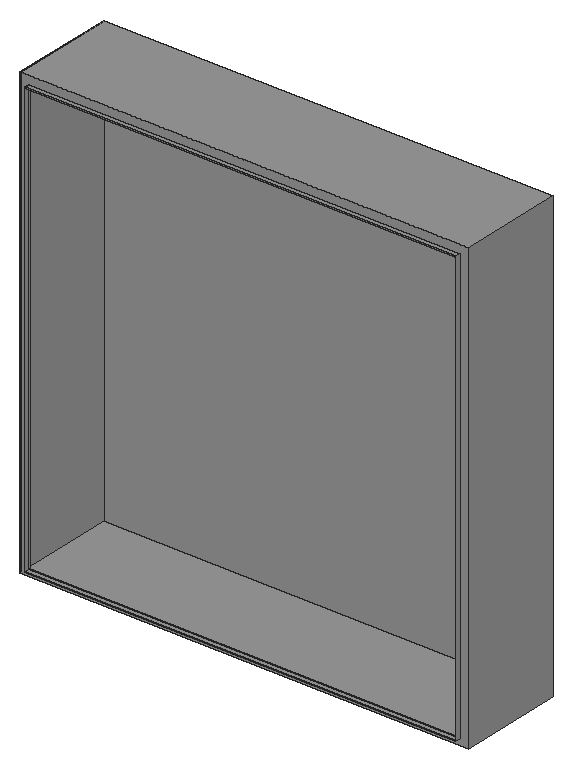
Revit family "Hager-Univers-IP30-D205-H800-Cl.II-Encl-NoHosted-NL-en", category Equipement électrique, Revit 2020
Family settings
  Configuration du panneau = Deux colonnes, circuits au sein
  Cote de connecteur circulaire = Utiliser le diamètre
  Type d'élément = Tableau de raccordement
  Basée sur le plan de construction = Oui
  Toujours verticalement = Oui
  Couper avec des vides une fois chargée = Non
  Partagée = Non
  Point de calcul de pièce = Non
Parameters (values of type "Surface mounted (plaster) IP30 W800 H800 D205  - FP53Q1S")
  Width Control [instance] = if([EF000008 - Width] > Min Width, [EF000008 - Width], Min Width)  # 800 mm
  Commentaires du type = [HG000003 - Range]  # "Univers"
  Thickness Door [instance] = if([EF009171 - Material plate thickness door/cover] > 3 mm, 3 mm, [EF009171 - Material plate thickness door/cover])  # 1 mm
  Seal Frame Offset [instance] = 17 mm  # constant formula
  Plinth Visibility [instance] = [HG000027 - Plinth height] > 0 mm  # no
  Min Width [instance] = 100 mm  # constant formula
  Min Depth [instance] = (2 * [EF009170 - Material plate thickness cabinet]) + 1 mm  # 3 mm
  Min Height [instance] = 100 mm  # constant formula
  Internal Frame Depth [instance] = (Door System Depth * 0.5)  # 9 mm
  Panel Name [instance] = ""  # (empty or 0)
  Model = ""
  HG000027 - Plinth height = 0 mm
  HG000026 - Floor standing = no
  HG000024 - Bottom section height = 600 mm
  HG000023 - Double section enclosure = no
  HG000016 - Door 3d visibility [instance] = yes
  HG000015 - Clearance visibility [instance] = no
  HG000014 - Door on the right [instance] = yes
  HG000013 - Door on the left [instance] = not([HG000014 - Door on the right])  # no
  HG000012 - Door swing angle [instance] = 30.00°
  HG000010 - Asymmetric doors = no
  HG000009 - Double swing door = no
  HG000006 - Flush mounted = no
  HG000004 - Manufacturer reference = "FP53Q1S"
  HG000003 - Range = "Univers"
  HG000002 - With door or cover = no
  Frame Offset Bottom [instance] = 10 mm  # constant formula
  Frame Offset [instance] = 15 mm  # constant formula
  EF015940 - Cover with overpressure release = no
  EF011959 - Degree of protection (NEMA) = ""
  EF009554 - Number of openings for flange plates = 6
  EF009212 - Cover model = "EV009916 - With notch"
  EF009171 - Material plate thickness door/cover = 1 mm
  EF009170 - Material plate thickness cabinet = 1 mm
  EF008873 - Nominal current (In) = 250 A
  EF007800 - Suitable for lightning protection = no
  EF006306 - With lock = no
  EF006244 - Transparent cover/door = no
  EF005474 - Degree of protection (IP) = "EV006410 - IP30"
  EF004464 - Type of door = "EV000494 - None"
  EF004427 - Number of modules = 180
  EF004293 - Impact strength = "EV006813 - IK07"
  EF003532 - Suitable for outdoor use = no
  EF002950 - Width in number of modular spacings = 36
  EF001613 - Circuit integrity = "EV000494 - None"
  EF001596 - Material housing = "EV000179 - Steel"
  EF001131 - Internal depth = 130 mm
  EF001088 - Extension possible = yes
  EF000437 - Number of conduit inlets = 6
  EF000339 - Type of cover = "EV000494 - None"
  EF000266 - Number of rows = 5
  EF000218 - Built-in depth = 0 mm
  EF000118 - With mounting plate = no
  EF000116 - RAL-number = "9010"
  EF000049 - Depth = 205 mm
  EF000040 - Height = 800 mm
  EF000008 - Width = 800 mm
  EF000007 - Colour = "EV000202 - White"
  EF000003 - Mounting method = "EV000384 - Surface mounted (plaster)"
  Door System Leaf Tolerance [instance] = 1.5 mm  # constant formula
  Door System Depth [instance] = 18 mm  # constant formula
  Door Height [instance] = Height Control - [HG000027 - Plinth height]  # 800 mm
  Description = ""
  Default Elevation = 1219.2 mm
  Connector Offset [instance] = Height Control / 2  # 400 mm
  Fabricant = "Hager"  # constant formula
  Height Control [instance] = if([EF000040 - Height] > Min Height, [EF000040 - Height], Min Height)  # 800 mm
  Depth Control [instance] = if([EF000049 - Depth] > Min Depth, [EF000049 - Depth], Min Depth)  # 205 mm
  Bottom Top Plate Trim [instance] = 1.5 mm  # constant formula
  Plinth height Ctrl [instance] = if([HG000027 - Plinth height] > 0 mm, [HG000027 - Plinth height], 12 mm)  # 12 mm
Types (5, lengths in mm): name | Width Control | HG000004 - Manufacturer reference | EF009554 - Number of openings for flange plates | EF004427 - Number of modules | EF002950 - Width in number of modular spacings | EF000437 - Number of conduit inlets | EF000008 - Width
  Surface mounted (plaster) IP30 W1050 H800 D205  - FP54Q1S | 1050 | "FP54Q1S" | 8 | 240 | 48 | 8 | 1050
  Surface mounted (plaster) IP30 W1300 H800 D205  - FP55Q1S | 1300 | "FP55Q1S" | 10 | 300 | 60 | 10 | 1300
  Surface mounted (plaster) IP30 W300 H800 D205  - FP51Q1S | 300 | "FP51Q1S" | 2 | 60 | 12 | 2 | 300
  Surface mounted (plaster) IP30 W550 H800 D205  - FP52Q1S | 550 | "FP52Q1S" | 4 | 120 | 24 | 4 | 550
  Surface mounted (plaster) IP30 W800 H800 D205  - FP53Q1S | 800 | "FP53Q1S" | 6 | 180 | 36 | 6 | 800
Reference planes
  plane 1 "Center (Front/Back)": y = 0
  plane 2: z = 0
  plane 3 "Center (Left/Right)": x = 0
  plane 4: y = 0
  plane 5: y = 0
  plane 6: z = 0
  plane 7: x = -400
  plane 8: x = 400
  plane 9: x = 399
  plane 10: x = -399
  plane 11: z = 0
  plane 12: z = 1
  plane 13: y = -205
  plane 14: y = -1
  plane 15: x = 0
  plane 16: y = -187
  plane 17: y = -204
  plane 18: y = -186
  plane 19: x = -384
  plane 20: x = 384
  plane 21: z = 11
  plane 22: x = -383
  plane 23: x = 383
  plane 24: z = 0
  plane 25: z = 800
  plane 26: z = 800
  plane 27: z = 784
  plane 28: z = 799
Forms (mm)
  Extrusion 1, solid, material "Hager_Steel_RAL7035_Light_Grey", detail levels medium+fine
    sketch origin (-208.679, -4572, 0) x (-1, 0, 0) y (0, -1, 0)
      loop
        line (191.321, -4385) -> (-608.679, -4385) -> (-608.679, -4572) -> (191.321, -4572) -> (191.321, -4385)
    from 0 to 800
  Extrusion 2, void
    sketch origin (-350.771, -205, 1219.2) x (1, 0, 0) y (0, 0, 1)
      loop
        line (-48.229, -420.2) -> (-48.229, -1218.2) -> (749.771, -1218.2) -> (749.771, -420.2) -> (-48.229, -420.2)
    from -19 to -204
  Extrusion 3, void
    sketch origin (-290.084, -187, 1219.2) x (1, 0, 0) y (0, 0, 1)
      loop
        line (-93.916, -1208.2) -> (674.084, -1208.2) -> (674.084, -435.2) -> (-93.916, -435.2) -> (-93.916, -1208.2)
    from 0 to -1
  Extrusion 4, solid, material "Hager_Steel_RAL7035_Light_Grey", visible <- "Plinth Visibility", detail levels medium+fine
    sketch origin (0, 0, 0) x (1, 0, 0) y (0, 1, 0)
      loop
        line (-400, 0) -> (-400, -187) -> (400, -187) -> (400, 0) -> (-400, 0)
    from 0 to 12 <- "Plinth height Ctrl"
  Extrusion 5, solid, material "Hager_Steel_RAL7035_Light_Grey", detail levels coarse
    sketch origin (0, 0, 0) x (1, 0, 0) y (0, 1, 0)
      loop
        line (-400, 0) -> (-400, -205) -> (400, -205) -> (400, 0) -> (-400, 0)
    from 0 to 800 <- "Height Control"
  Sweep 6, void
    path in 3D
      loop
        line (-400, -187, 12) -> (400, -187, 12) -> (400, 0, 12) -> (-400, 0, 12) -> (-400, -187, 12)
    profile origin (-400, -93.5, 12) x (1, 0, 0) y (0, 0, 1)
      loop
        line (0, 0) -> (0, -1.5) -> (1.5, -1.5)
        arc (1.5, -1.5) -> (1.061, -0.439) -> (0, 0) r 1.5
  Extrusion 7, solid, material "Hager_Steel_RAL7035_Light_Grey", detail levels fine
    sketch origin (-400, -187, 0) x (1, 0, 0) y (0, 0, 1)
      loop
        line (16, 11) -> (784, 11) -> (784, 784) -> (16, 784) -> (16, 11)
      loop
        line (15, 10) -> (785, 10) -> (785, 785) -> (15, 785) -> (15, 10)
    from 0 to 9 <- "Internal Frame Depth"
Cuts and joins
  Extrusion 2, Extrusion 3 cuts Extrusion 1
  Sweep 6 cuts Extrusion 4
Lines and regions (mm)
  Masking region 1
    outline origin (0, 0, 0) x (1, 0, 0) y (0, 1, 0)
      loop
        line (-400, 0) -> (-400, -205) -> (400, -205) -> (400, 0) -> (-400, 0)
  Masking region 2, detail levels coarse
    outline origin (-290.084, -187, 1219.2) x (-1, 0, 0) y (0, 0, 1)
      loop
        line (-690.084, -1219.2) -> (109.916, -1219.2) -> (109.916, -419.2) -> (-690.084, -419.2) -> (-690.084, -1219.2)
  Masking region 3, detail levels coarse
    outline origin (0, 0, 0) x (0, 1, 0) y (0, 0, 1)
      loop
        line (0, 0) -> (0, 800) -> (-205, 800) -> (-205, 0) -> (0, 0)
  Masking region 4, visible <- "Plinth Visibility", detail levels medium+fine
    outline origin (0, 0, 0) x (0, 1, 0) y (0, 0, 1)
      loop
        line (-1.5, 12) -> (-185.5, 12)
        arc (-185.5, 12) -> (-185.939, 10.939) -> (-187, 10.5) r 1.5
        line (-187, 10.5) -> (-187, 0) -> (0, 0) -> (0, 10.5)
        arc (0, 10.5) -> (-1.061, 10.939) -> (-1.5, 12) r 1.5
  Masking region 5, detail levels medium+fine
    outline origin (0, 0, 594.038) x (0, 1, 0) y (0, 0, 1)
      loop
        line (0, -594.038) -> (0, 205.962) -> (-187, 205.962) -> (-187, -594.038) -> (0, -594.038)
  Masking region 6, detail levels medium+fine
    outline origin (-359.7, -187, 1211.883) x (-1, 0, 0) y (0, 0, 1)
      loop
        line (-759.7, -1211.883) -> (40.3, -1211.883) -> (40.3, -411.883) -> (-759.7, -411.883) -> (-759.7, -1211.883)
  Masking region 7, visible <- "Plinth Visibility", detail levels medium+fine
    outline origin (-320.334, -187, 1041.368) x (-1, 0, 0) y (0, 0, 1)
      loop
        line (-720.334, -1041.368) -> (79.666, -1041.368) -> (79.666, -1030.868)
        arc (79.666, -1030.868) -> (78.606, -1030.429) -> (78.166, -1029.368) r 1.5
        line (78.166, -1029.368) -> (-718.834, -1029.368)
        arc (-718.834, -1029.368) -> (-719.273, -1030.429) -> (-720.334, -1030.868) r 1.5
        line (-720.334, -1030.868) -> (-720.334, -1041.368)
  sketch lines
    curve 1: line (-400, 0, 12) -> (-400, -187, 12)
    curve 2: line (-400, -187, 12) -> (400, -187, 12)
    curve 3: line (400, 0, 12) -> (-400, 0, 12)
    curve 4: line (400, -187, 12) -> (400, 0, 12)
Dimensions and locks
  locked: plane 1 "Center (Front/Back)" to plane 5
  "EF009170 - Material plate thickness cabinet": plane 7 to plane 10
  "EF009170 - Material plate thickness cabinet": plane 8 to plane 9
  equal spacing: plane 7, plane 3 "Center (Left/Right)", plane 8
  "Width Control": plane 7 to plane 8
  "Depth Control": plane 4 to plane 13
  "EF009170 - Material plate thickness cabinet": plane 4 to plane 14
  "Height Control": plane 25 to level
  "HG000027 - Plinth height": plane 11 to level
  "EF009170 - Material plate thickness cabinet": plane 12 to plane 11
  "EF009170 - Material plate thickness cabinet": plane 17 to plane 13
  "EF009170 - Material plate thickness cabinet": plane 18 to plane 16
  "Frame Offset Bottom": plane 21 to plane 12
  "Frame Offset": plane 10 to plane 19
  "Frame Offset": plane 9 to plane 20
  "Door System Depth": plane 16 to plane 13
  "Seal Frame Offset": plane 7 to plane 22
  "Seal Frame Offset": plane 8 to plane 23
  "EF009170 - Material plate thickness cabinet": plane 26 to plane 28
  "Frame Offset": plane 28 to plane 27
  "Connector Offset": plane 2 to connector elem
  "Bottom Top Plate Trim": profile plane to Sweep 6 sketch curve
  "Bottom Top Plate Trim": Sweep 6 sketch curve to Sweep 6 sketch curve
  "Plinth height Ctrl": Masking region 4 sketch curve to level
  "Plinth height Ctrl": Masking region 7 sketch curve to level
  "Thickness Door": Extrusion 7 sketch curve to Extrusion 7 sketch curve  (x4)
  "Bottom Top Plate Trim": radius of Sweep 6 sketch curve
  "Bottom Top Plate Trim": radius of Masking region 4 sketch curve  (x2)
  "Bottom Top Plate Trim": radius of Masking region 7 sketch curve  (x2)
  aligned and locked: Extrusion 2 sketch curve to plane 12
  aligned and locked: Extrusion 2 sketch curve to plane 9
  aligned and locked: Extrusion 2 sketch curve to plane 10
  aligned and locked: Extrusion 2 to plane 14
  aligned and locked: Extrusion 1 sketch curve to plane 4
  aligned and locked: plane 8 to Extrusion 1 sketch curve
  aligned and locked: plane 7 to Extrusion 1 sketch curve
  aligned and locked: Extrusion 2 to plane 18
  aligned and locked: Extrusion 3 sketch curve to plane 19
  aligned and locked: plane 20 to Extrusion 3 sketch curve
  aligned and locked: Extrusion 3 to Extrusion 2
  aligned and locked: Extrusion 3 sketch curve to plane 21
  aligned and locked: plane 3 "Center (Left/Right)" to nested 1
  aligned and locked: Extrusion 1 sketch curve to plane 16
  aligned and locked: Extrusion 4 sketch curve to cut or joined group of Extrusion 1, Extrusion 2, Extrusion 3
  aligned and locked: Masking region 1 sketch curve to plane 7
  aligned and locked: Masking region 1 sketch curve to plane 5
  aligned and locked: Masking region 1 sketch curve to plane 8
  aligned and locked: Masking region 2 sketch curve to level
  aligned and locked: level to Masking region 3 sketch curve
  aligned and locked: plane 1 "Center (Front/Back)" to Masking region 3 sketch curve
  aligned and locked: plane 13 to Masking region 3 sketch curve
  aligned and locked: plane 5 to Masking region 4 sketch curve
  aligned and locked: Masking region 2 sketch curve to plane 8
  aligned and locked: Masking region 2 sketch curve to plane 7
  aligned and locked: plane 7 to nested 2
  aligned and locked: nested 2 to plane 5
  aligned and locked: plane 5 to Masking region 5 sketch curve
  aligned and locked: plane 26 to Masking region 5 sketch curve
  aligned and locked: Extrusion 5 sketch curve to plane 8
  aligned and locked: Extrusion 5 sketch curve to plane 7
  aligned and locked: Extrusion 5 sketch curve to plane 5
  aligned and locked: Extrusion 3 sketch curve to plane 27
  aligned and locked: Extrusion 2 sketch curve to plane 28
  aligned and locked: Masking region 2 to plane 25
  aligned and locked: Extrusion 4 to plane 16
  aligned and locked: profile plane to Sweep 6 sketch curve
  aligned and locked: Masking region 5 sketch curve to plane 24
  aligned and locked: level to Masking region 4 sketch curve
  aligned and locked: Masking region 1 to plane 13
  aligned and locked: nested 1 to plane 16
  aligned and locked: Masking region 3 to plane 25
  aligned and locked: plane 16 to Masking region 4 sketch curve
  aligned and locked: Masking region 5 sketch curve to plane 16
  aligned and locked: plane 24 to plane 11
  aligned and locked: plane 26 to plane 25
  aligned and locked: plane 26 to cut or joined group of Extrusion 1, Extrusion 2, Extrusion 3
  aligned and locked: nested 1 to plane 24
  aligned and locked: Extrusion 1 to Extrusion 3
  aligned and locked: Masking region 6 sketch curve to plane 8
  aligned and locked: Masking region 6 sketch curve to plane 24
  aligned and locked: Masking region 6 sketch curve to plane 7
  aligned and locked: Masking region 6 sketch curve to plane 26
  aligned and locked: Masking region 7 sketch curve to plane 7
  aligned and locked: level to Masking region 7 sketch curve
  aligned and locked: Masking region 7 sketch curve to plane 8
  aligned and locked: Extrusion 7 sketch curve to cut or joined group of Extrusion 1, Extrusion 2, Extrusion 3  (x4)
Automatic sketch dimensions
  plane 19 to Extrusion 3 sketch curve = 0 mm
  Extrusion 3 sketch curve to plane 20 = 0 mm
  Extrusion 3 sketch curve to plane 21 = 0 mm
  Extrusion 4 sketch curve to plane 7 = 0 mm
  Extrusion 4 sketch curve to plane 8 = 0 mm
  Extrusion 4 sketch curve to plane 16 = 0 mm
  Masking region 1 sketch curve to plane 13 = 0 mm
  Masking region 2 sketch curve to plane 25 = 0 mm
  Masking region 3 sketch curve to plane 25 = 0 mm
  Extrusion 5 sketch curve to plane 13 = 0 mm
  profile plane to Sweep 6 sketch curve = 0 mm
Nested families
  nested 1: "EC000058_Univers_Door" at (0, -187, 0), Double <- "HG000009 - Double swing door", Transparent <- "EF006244 - Transparent cover/door", Angle <- "HG000012 - Door swing angle", Door_Right <- "HG000014 - Door on the right", Assymetrical <- "HG000010 - Asymmetric doors", Door <- "HG000002 - With door or cover", Width_Ctrl <- "Width Control", 3d_Door <- "HG000016 - Door 3d visibility", Clearance <- "HG000015 - Clearance visibility", Door_Left <- "HG000013 - Door on the left", Width <- "Width Control", Door_Depth <- "Door System Depth", Leaf_Tolerance <- "Door System Leaf Tolerance", Height <- "Door Height", Lock_Visibility <- "EF006306 - With lock", Thickness <- "Thickness Door", type "EC000058_Univers_Door", detail levels medium+fine
    with min_wh 3 mm, Width_Ctrl 800 mm, Width 800 mm, Transparent no, Thickness 1 mm, Seal_Material Hager_Rubber, Lock_Visibility no, Lock_Material Hager_Plastic_RAL9005_Jet_Black, Leaf_Width 800 mm, Leaf_Tolerance_External_Sides 0 mm, Leaf_Tolerance 1.5 mm, Leaf_Offset 0 mm, Leaf_Height 797 mm, Leaf_2_Width 800 mm, Leaf_2_Offset 400 mm, Leaf_1_Width 800 mm, Leaf_1_Offset 400 mm, Height_Ctrl 800 mm, Height 800 mm, Glass_Material Hager_Glass, Double_Clearance_Ctrl no, Double no, Door_Right_Ctrl no, Door_Right yes, Door_Material Hager_Steel_RAL7035_Light_Grey, Door_Left_Ctrl no, Door_Left no, Door_Depth 18 mm, Door no, Clearance_Material Hager_Clearance, Clearance_Depth 800 mm, Clearance_Ctrl no, Clearance no, Assymetrical no, Angle 30.00°, 3d_Door yes
  nested 2: "Hager_Enclosure_Symbol" at (-400, 0, 0), Height <- "Depth Control", Width <- "Width Control", type "Hager_Enclosure_Symbol"
    with Width_Ctrl 800 mm, Width 800 mm, Height_Ctrl 205 mm, Height 205 mm, A_Width_Int 13.453 mm, A_Width 161.438 mm, A_Height_Ctrl 179.375 mm, A_Height 179.375 mm
Connectors
  electrical at (0, 0, 400)
    settings: on plane 1 "Center (Front/Back)", index 1, voltage 0 V, apparent load 0 VA, apparent load phase1 0 VA, apparent load phase2 0 VA, apparent load phase3 0 VA, power factor 1, load classification "Other", number of poles 1, system type 30, power factor state 1, is connector primary yes, connector utility no, sub classification motor no, connector description ""
Definition of nested family "EC000058_Univers_Door"
  Parameters (values of type "EC000058_Univers_Door")
    min_wh [instance] = (2 * Thickness) + 1 mm  # 11 mm
    Width_Ctrl [instance] = 400 mm
    Width [instance] = 500 mm
    Transparent [instance] = yes
    Thickness [instance] = 5 mm
    Seal_Material [instance] = none
    Lock_Visibility [instance] = yes
    Lock_Material [instance] = none
    Leaf_Width [instance] = if((Width_Ctrl - 2 * Leaf_Tolerance_External_Sides) > 0 mm, (Width_Ctrl - 2 * Leaf_Tolerance_External_Sides), min_wh)  # 400 mm
    Leaf_Tolerance_External_Sides [instance] = 0 mm  # constant formula
    Leaf_Tolerance [instance] = 1.5 mm
    Leaf_Offset [instance] = 0 mm  # constant formula
    Leaf_Height [instance] = if((Height_Ctrl - 2 * Leaf_Tolerance) > 0 mm, (Height_Ctrl - 2 * Leaf_Tolerance), min_wh)  # 497 mm
    Leaf_2_Width [instance] = if(and(and(Double, Assymetrical), Door_Left), (Leaf_Width / 3) - (Leaf_Tolerance / 2), if(and(and(Double, Assymetrical), Door_Right), (Leaf_Width / 3) * 2 - (Leaf_Tolerance / 2), if(and(Double, not(Assymetrical)), (Leaf_Width / 2) - Leaf_Tolerance, Leaf_Width)))  # 400 mm
    Leaf_2_Offset [instance] = if(and(Double, Assymetrical), Leaf_2_Width / 2, if(and(Double, not(Assymetrical)), Leaf_Width / 4, Leaf_Width / 2))  # 200 mm
    Leaf_1_Width [instance] = if(and(and(Double, Assymetrical), Door_Right), (Leaf_Width / 3) - (Leaf_Tolerance / 2), if(and(and(Double, Assymetrical), Door_Left), (Width / 3) * 2 - (Leaf_Tolerance / 2), if(and(Double, not(Assymetrical)), (Leaf_Width / 2) - Leaf_Tolerance, Leaf_Width)))  # 400 mm
    Leaf_1_Offset [instance] = if(and(Double, Assymetrical), Leaf_1_Width / 2, if(and(Double, not(Assymetrical)), Leaf_Width / 4, Leaf_Width / 2))  # 200 mm
    Height_Ctrl [instance] = if(Height > min_wh, Height, min_wh)  # 500 mm
    Height [instance] = 500 mm
    Glass_Material [instance] = none
    Double_Clearance_Ctrl [instance] = and(Double, Clearance)  # no
    Double [instance] = no
    Door_Right_Ctrl [instance] = and(or(Door_Right, Double), Door)  # yes
    Door_Right [instance] = yes
    Door_Material [instance] = none
    Door_Left_Ctrl [instance] = and(or(Door_Left, Double), Door)  # no
    Door_Left [instance] = no
    Door_Depth [instance] = 30 mm
    Door [instance] = yes
    Default Elevation = 1219.2 mm
    Clearance_Material [instance] = none
    Clearance_Depth [instance] = if(Leaf_1_Width > Leaf_2_Width, Leaf_1_Width, Leaf_2_Width)  # 400 mm
    Clearance_Ctrl [instance] = and(not(Double), Clearance)  # yes
    Clearance [instance] = yes
    Assymetrical [instance] = yes
    Angle [instance] = 30.00°
    3d_Door [instance] = yes
  Reference planes
    plane 1 "Center (Front/Back)": y = 0
    plane 2 "Bottom": z = 0
    plane 3 "Center (Left/Right)": x = 0
    plane 4: z = 500
    plane 5: x = -200
    plane 6: x = 200
    plane 7: z = 500
    plane 8: x = -200
    plane 9: z = 0
    plane 10: x = 200
    plane 11: y = 0
    plane 12: z = 1.5
    plane 13: x = -600
    plane 14: y = -400
    plane 15: x = 600
    plane 16: x = 0
    plane 17: x = 0
    plane 18: x = -200
    plane 19: x = 200
    plane 20: z = 498.5
  Forms (mm)
    Extrusion 1, solid, material <- "Clearance_Material", visible <- "Double_Clearance_Ctrl"
      sketch origin (1200, 0, 0) x (1, 0, 0) y (0, 0, -1)
        loop
          line (-1800, -498.5) -> (-600, -498.5) -> (-600, 0) -> (-1800, 0) -> (-1800, -498.5)
      from 0 to -400
  Dimensions and locks
    equal spacing: plane 5, plane 3 "Center (Left/Right)", plane 6
    "Width_Ctrl": plane 5 to plane 6
    "Leaf_Offset": plane 5 to plane 8
    "Leaf_Offset": plane 6 to plane 10
    "Leaf_Offset": plane 9 to level
    "Leaf_Offset": plane 4 to plane 7
    "Height_Ctrl": plane 4 to level
    "Leaf_Tolerance": plane 12 to plane 9
    locked: plane 11 to plane 1 "Center (Front/Back)"
    "Leaf_1_Offset": plane 18 to plane 16
    "Leaf_2_Offset": plane 17 to plane 19
    "Leaf_1_Width": plane 13 to plane 8
    "Leaf_2_Width": plane 10 to plane 15
    "Clearance_Depth": plane 14 to plane 1 "Center (Front/Back)"
    "Leaf_Tolerance_External_Sides": plane 8 to plane 18
    "Leaf_Tolerance_External_Sides": plane 19 to plane 10
    "Leaf_Tolerance": plane 7 to plane 20
    aligned and locked: level to plane 2 "Bottom"
    aligned and locked: nested 1 to plane 16
    aligned and locked: nested 2 to plane 17
    aligned and locked: Extrusion 1 to plane 13
    aligned and locked: plane 15 to Extrusion 1
    aligned and locked: Extrusion 1 to plane 14
    aligned and locked: plane 12 to nested 1
    aligned and locked: nested 2 to plane 12
    aligned and locked: Extrusion 1 to plane 11
    aligned and locked: plane 20 to Extrusion 1
    aligned and locked: nested 2 to plane 11
    aligned and locked: nested 1 to plane 11
  Automatic sketch dimensions
    Extrusion 1 sketch curve to level = 0 mm
    plane 5 to Extrusion 1 sketch curve = 400 mm
    plane 6 to Extrusion 1 sketch curve = 400 mm
    Extrusion 1 sketch curve to plane 4 = 1.5 mm
  Nested families
    nested 1: "EC000058_Univers_Door_Leaf" at (0, 0, 1.5), Width <- "Leaf_1_Width", visible <- "Door_Left_Ctrl", Leaf_Height <- "Leaf_Height", Angle <- "Angle", 3d_Door <- "3d_Door", Transparent <- "Transparent", Clearance Material <- "Clearance_Material", Clearance <- "Clearance_Ctrl", Door_Material <- "Door_Material", Glass_Material <- "Glass_Material", Door_Depth <- "Door_Depth", Lock_Material <- "Lock_Material", Seal_Material <- "Seal_Material", Lock_Visibility <- "Lock_Visibility", Thickness <- "Thickness", type "EC000058_Univers_Door_Leaf"
      with Width 400 mm, Transparent_Glass_Offset 30 mm, Transparent_Ctrl yes, Transparent yes, Thickness 5 mm, Standard no, Seal_Material none, Seal_D2 8 mm, Seal_D1 1 mm, Offset_Internal_Frame 10 mm, Lock_Width 20 mm, Lock_Visibility_3d yes, Lock_Visibility yes, Lock_Thickness_3 3 mm, Lock_Thickness_2 1 mm, Lock_Thickness_1 3 mm, Lock_Radius_Offset_2 16 mm, Lock_Radius_Offset_1 15 mm, Lock_Radius_2 5 mm, Lock_Radius 6 mm, Lock_Offset 5 mm, Lock_Material none, Lock_Height 80 mm, Lock_Cover_Top_Offset_2d 17 mm, Lock_Cover_Height -65 mm, Leaf_Height 497 mm, Internal_Seal_Thickness 8 mm, Internal_Seal_Depth_2 4.5 mm, Internal_Frame_Depth 25 mm, Glass_Thickness -1 mm, Glass_Offset -2 mm, Glass_Material none, Door_Material none, Door_Depth 30 mm, Clearance Material none, Clearance yes, Angle_Ctrl 30.00°, Angle 30.00°, 3d_Door yes
    nested 2: "EC000058_Univers_Door_Leaf" at (0, 0, 1.5) x (-1, 0, 0) z (0, 0, 1), Width <- "Leaf_2_Width", visible <- "Door_Right_Ctrl", Leaf_Height <- "Leaf_Height", Angle <- "Angle", 3d_Door <- "3d_Door", Transparent <- "Transparent", Clearance Material <- "Clearance_Material", Clearance <- "Clearance_Ctrl", Door_Material <- "Door_Material", Glass_Material <- "Glass_Material", Door_Depth <- "Door_Depth", Lock_Material <- "Lock_Material", Seal_Material <- "Seal_Material", Lock_Visibility <- "Lock_Visibility", Thickness <- "Thickness", type "EC000058_Univers_Door_Leaf"
      with Width 400 mm, Transparent_Glass_Offset 30 mm, Transparent_Ctrl yes, Transparent yes, Thickness 5 mm, Standard no, Seal_Material none, Seal_D2 8 mm, Seal_D1 1 mm, Offset_Internal_Frame 10 mm, Lock_Width 20 mm, Lock_Visibility_3d yes, Lock_Visibility yes, Lock_Thickness_3 3 mm, Lock_Thickness_2 1 mm, Lock_Thickness_1 3 mm, Lock_Radius_Offset_2 16 mm, Lock_Radius_Offset_1 15 mm, Lock_Radius_2 5 mm, Lock_Radius 6 mm, Lock_Offset 5 mm, Lock_Material none, Lock_Height 80 mm, Lock_Cover_Top_Offset_2d 17 mm, Lock_Cover_Height -65 mm, Leaf_Height 497 mm, Internal_Seal_Thickness 8 mm, Internal_Seal_Depth_2 4.5 mm, Internal_Frame_Depth 25 mm, Glass_Thickness -1 mm, Glass_Offset -2 mm, Glass_Material none, Door_Material none, Door_Depth 30 mm, Clearance Material none, Clearance yes, Angle_Ctrl 30.00°, Angle 30.00°, 3d_Door yes
  Definition of nested family "EC000058_Univers_Door_Leaf"
    Parameters (values of type "EC000058_Univers_Door_Leaf")
      Width [instance] = 2000 mm
      Transparent_Glass_Offset [instance] = 30 mm
      Transparent_Ctrl [instance] = and(Transparent, [3d_Door])  # yes
      Transparent [instance] = yes
      Thickness [instance] = 5 mm
      Standard [instance] = and(not(Transparent), [3d_Door])  # no
      Seal_Material [instance] = none
      Seal_D2 [instance] = 8 mm  # constant formula
      Seal_D1 [instance] = 1 mm  # constant formula
      Offset_Internal_Frame [instance] = 10 mm  # constant formula
      Lock_Width [instance] = 20 mm  # constant formula
      Lock_Visibility_3d [instance] = and(Lock_Visibility, [3d_Door])  # yes
      Lock_Visibility [instance] = yes
      Lock_Thickness_3 [instance] = 3 mm  # constant formula
      Lock_Thickness_2 [instance] = 1 mm  # constant formula
      Lock_Thickness_1 [instance] = 3 mm  # constant formula
      Lock_Radius_Offset_2 [instance] = Lock_Radius_Offset_1 + 1 mm  # 16 mm
      Lock_Radius_Offset_1 [instance] = 15 mm  # constant formula
      Lock_Radius_2 [instance] = Lock_Radius - 1 mm  # 5 mm
      Lock_Radius [instance] = 6 mm  # constant formula
      Lock_Offset [instance] = 5 mm  # constant formula
      Lock_Material [instance] = none
      Lock_Height [instance] = 80 mm  # constant formula
      Lock_Cover_Top_Offset_2d [instance] = Lock_Radius_Offset_2 + 1 mm  # 17 mm
      Lock_Cover_Height [instance] = -(Lock_Height - Lock_Radius_Offset_1)  # -65 mm
      Leaf_Height [instance] = 2720.336 mm
      Internal_Seal_Thickness [instance] = 8 mm  # constant formula
      Internal_Seal_Depth_2 [instance] = 4.5 mm  # constant formula
      Internal_Frame_Depth [instance] = if(Door_Depth - Thickness > 5 mm, Door_Depth - Thickness, 5 mm)  # 25 mm
      Glass_Thickness [instance] = if(Thickness > 15 mm, Glass_Offset + 10 mm, -1 mm)  # -1 mm
      Glass_Offset [instance] = if(Thickness > 15 mm, -(Thickness + 10 mm) / 2, -2 mm)  # -2 mm
      Glass_Material [instance] = none
      Door_Material [instance] = none
      Door_Depth [instance] = 30 mm
      Default Elevation = 0 mm
      Clearance Material [instance] = none
      Clearance [instance] = yes
      Angle_Ctrl [instance] = if(Angle > 180.00°, 180.00°, Angle)  # 90.00°
      Angle [instance] = 90.00°
      3d_Door [instance] = yes
    Reference planes
      plane 1 "Center (Front/Back)": y = 0
      plane 2: z = 0
      plane 3 "Center (Left/Right)": x = 0
      plane 4: y = 2000
      plane 5: x = -1000
      plane 6: x = 1000
      plane 7: x = -3000
      plane 8: z = 2720.336
      plane 9: z = 30
      plane 10: z = 2690.336
      plane 11: x = 970
      plane 12: x = -970
      plane 13: y = -3
      plane 14: z = 107.833
      plane 15: y = -5
      plane 16: y = -223.314
      plane 17: x = -1000
      plane 18: z = 1360.168
      plane 19: y = 30
    Forms (mm)
      Extrusion 1, solid, material <- "Clearance Material", visible <- "Clearance"
        sketch origin (0, 0, 0) x (1, 0, 0) y (0, 0, 1)
          loop
            line (-3000, 2720.336) -> (-3000, 0) -> (1000, 0) -> (1000, 2720.336) -> (-3000, 2720.336)
        from 0 to -2000
      Extrusion 2, solid, material <- "Door_Material", visible <- "Standard", detail levels medium+fine
        sketch origin (-1000, 0, 0) x (0, 1, 0) y (-1, 0, 0)
          loop
            line (0, 30) -> (0, 25) -> (2000, 25) -> (2000, 30) -> (0, 30)
        from 0 to 2720.336 <- "Leaf_Height"
      Extrusion 3, solid, material <- "Door_Material", visible <- "Transparent_Ctrl", detail levels medium+fine
        sketch origin (-1000, 0, 0) x (0, 1, 0) y (-1, 0, 0)
          loop
            line (0, 25) -> (2000, 25) -> (2000, 30) -> (0, 30) -> (0, 25)
        from 0 to 2720.336 <- "Leaf_Height"
      Extrusion 4, void
        sketch origin (-1025, 2000, 0) x (0, 1, 0) y (0, 0, -1)
          loop
            line (-30, -2690.336) -> (-30, -30) -> (-1970, -30) -> (-1970, -2690.336) -> (-30, -2690.336)
        from 0 to 5 <- "Thickness"
      Sweep 5, solid, material <- "Seal_Material", visible <- "Transparent_Ctrl", detail levels fine
        path in 3D
          loop
            line (-1025, 30, 30) -> (-1025, 30, 2690.336) -> (-1025, 1970, 2690.336) -> (-1025, 1970, 30) -> (-1025, 30, 30)
        profile origin (-1025, 1000, 30) x (1, 0, 0) y (0, 0, 1)
          loop
            line (0, 0) -> (0, -8) -> (1, -8) -> (1, 0) -> (0, 0)
      Extrusion 6, solid, material <- "Glass_Material", visible <- "Transparent_Ctrl", detail levels medium+fine
        sketch origin (-1030, 0, 0) x (0, 1, 0) y (0, 0, -1)
          loop
            line (1970, -2690.336) -> (1970, -30) -> (30, -30) -> (30, -2690.336) -> (1970, -2690.336)
        from -2 <- "Glass_Offset" to -1 <- "Glass_Thickness"
      Extrusion 7, solid, material <- "Door_Material", visible <- "3d_Door", detail levels medium+fine
        sketch origin (-1025, 2000, 0) x (0, -1, 0) y (0, 0, -1)
          loop
            line (0, -2720.336) -> (2000, -2720.336) -> (2000, 0) -> (0, 0) -> (0, -2720.336)
          loop
            line (1995, -5) -> (5, -5) -> (5, -2715.336) -> (1995, -2715.336) -> (1995, -5)
        from 0 to 25 <- "Internal_Frame_Depth"
      Sweep 8, solid, material <- "Seal_Material", visible <- "Transparent_Ctrl", detail levels fine
        path in 3D
          loop
            line (-1025, 0, 0) -> (-1025, 2000, 0) -> (-1025, 2000, 2720.336) -> (-1025, 0, 2720.336) -> (-1025, 0, 0)
        profile origin (-1025, 0, 1360.168) x (1, 0, 0) y (0, 1, 0)
          loop
            line (0, 10) -> (2.975, 10)
            arc (2.975, 10) -> (4.053, 10.447) -> (4.5, 11.525) r 1.525
            line (4.5, 11.525) -> (4.5, 16.527)
            arc (4.5, 16.527) -> (4.069, 17.569) -> (3.027, 18) r 1.473
            line (3.027, 18) -> (0, 18) -> (0, 10)
      Extrusion 9, solid, material <- "Lock_Material", visible <- "Lock_Visibility_3d", detail levels fine
        sketch origin (-1030, 0, 0) x (0, 1, 0) y (0, 0, -1)
          loop
            arc (1993.5, -1400.168) -> (1994.561, -1399.729) -> (1995, -1398.668) r 1.5
            line (1995, -1398.668) -> (1995, -1320.168) -> (1975, -1320.168) -> (1975, -1398.668)
            arc (1975, -1398.668) -> (1975.439, -1399.729) -> (1976.5, -1400.168) r 1.5
            line (1976.5, -1400.168) -> (1993.5, -1400.168)
        from 3 <- "Lock_Thickness_1" to 0
      Blend 10, solid, material <- "Lock_Material", visible <- "Lock_Visibility_3d", detail levels fine
        base sketch origin (-1033, 0, 0) x (0, 1, 0) y (0, 0, -1)
          loop
            line (1975, -1320.168) -> (1975, -1398.668)
            arc (1975, -1398.668) -> (1975.439, -1399.729) -> (1976.5, -1400.168) r 1.5
            line (1976.5, -1400.168) -> (1993.5, -1400.168)
            arc (1993.5, -1400.168) -> (1994.561, -1399.729) -> (1995, -1398.668) r 1.5
            line (1995, -1398.668) -> (1995, -1320.168) -> (1975, -1320.168)
        top sketch origin (-1033, 0, 0) x (0, 1, 0) y (0, 0, -1)
          loop
            line (1976, -1320.168) -> (1976, -1398.668)
            arc (1976, -1398.668) -> (1976.146, -1399.022) -> (1976.5, -1399.168) r 0.5
            line (1976.5, -1399.168) -> (1993.5, -1399.168)
            arc (1993.5, -1399.168) -> (1993.854, -1399.022) -> (1994, -1398.668) r 0.5
            line (1994, -1398.668) -> (1994, -1320.168) -> (1976, -1320.168)
        from 0 to 1 <- "Lock_Thickness_2"
      Blend 11, solid, material <- "Lock_Material", visible <- "Lock_Visibility_3d", detail levels fine
        base sketch origin (-1034, 0, 0) x (0, 1, 0) y (0, 0, -1)
          loop
            line (1978, -1320.168) -> (1978, -1384.168)
            arc (1978, -1384.168) -> (1985, -1391.168) -> (1992, -1384.168) r 7
            line (1992, -1384.168) -> (1992, -1320.168) -> (1978, -1320.168)
        top sketch origin (-1034, 0, 0) x (0, 1, 0) y (0, 0, -1)
          loop
            line (1991, -1320.168) -> (1979, -1320.168) -> (1979, -1383.168)
            arc (1979, -1383.168) -> (1985, -1389.168) -> (1991, -1383.168) r 6
            line (1991, -1383.168) -> (1991, -1320.168)
        from 0 to 3 <- "Lock_Thickness_3"
      Extrusion 12, solid, material <- "Lock_Material", visible <- "Lock_Visibility_3d", detail levels fine
        sketch origin (-1030, 1975, 1320.168) x (1, 0, 0) y (0, -1, 0)
          loop
            line (-7, -19) -> (-7, -1) -> (0, -1) -> (0, 0) -> (-8, 0) -> (-8, -20) -> (0, -20) -> (0, -19) -> (-7, -19)
        from 0 to -65 <- "Lock_Cover_Height"
      Extrusion 13, void
        sketch origin (-1038, 1995, 1320.168) x (-1, 0, 0) y (0, 0, -1)
          loop
            line (-5, -65) -> (0, -65) -> (-5, -60) -> (-5, -65)
        from 0 to 20 <- "Lock_Width"
      Extrusion 14, void
        sketch origin (-1038, 1975, 1320.168) x (0, -1, 0) y (0, 0, -1)
          loop
            circle (-10, -15.995) r 6
          loop
            circle (-10, -15.995) r 5
        from 0 to 2
      Extrusion 15, solid, material <- "Lock_Material", visible <- "Lock_Visibility_3d", detail levels medium
        sketch origin (-1030, 0, 0) x (0, 1, 0) y (0, 0, -1)
          loop
            arc (1993.5, -1400.168) -> (1994.561, -1399.729) -> (1995, -1398.668) r 1.5
            line (1995, -1398.668) -> (1995, -1320.168) -> (1975, -1320.168) -> (1975, -1398.668)
            arc (1975, -1398.668) -> (1975.439, -1399.729) -> (1976.5, -1400.168) r 1.5
            line (1976.5, -1400.168) -> (1993.5, -1400.168)
        from 8 to 0
    Cuts and joins
      Extrusion 4 cuts Extrusion 3
      Extrusion 13, Extrusion 14 cuts Extrusion 9
      Extrusion 14 cuts Blend 11
      Extrusion 13, Extrusion 14 cuts Extrusion 12
      joined: Extrusion 9, Blend 10, Blend 11, Extrusion 12
      Extrusion 14 cuts Extrusion 15
    Lines and regions (mm)
      Masking region 1, visible <- "Lock_Visibility", detail levels fine
        outline origin (0, 0, 0) x (0, 1, 0) y (0, 0, 1)
          loop
            line (30, 1320.168) -> (33, 1320.168) -> (33, 1400.168) -> (30, 1400.168) -> (30, 1320.168)
      Masking region 2, visible <- "Lock_Visibility", detail levels fine
        outline origin (0, 3.143, 0) x (0, 1, 0) y (0, 0, 1)
          loop
            line (29.857, 1354.168) -> (30.857, 1354.168) -> (30.857, 1366.168) -> (29.857, 1366.168) -> (29.857, 1354.168)
      Masking region 3, detail levels medium+fine
        outline origin (0, 0, 0) x (0, 1, 0) y (0, 0, 1)
          loop
            line (0, 0) -> (30, 0) -> (30, 2720.336) -> (0, 2720.336) -> (0, 0)
      Masking region 4, detail levels medium+fine
        outline origin (0, 0, 0) x (1, 0, 0) y (0, 0, 1)
          loop
            line (-1000, 2720.336) -> (-1000, 0) -> (1000, 0) -> (1000, 2720.336) -> (-1000, 2720.336)
      Masking region 5, visible <- "Lock_Visibility", detail levels fine
        outline origin (-47.116, 0, 0) x (1, 0, 0) y (0, 0, 1)
          loop
            arc (1024.616, 1399.168) -> (1023.556, 1398.729) -> (1023.116, 1397.668) r 1.5
            line (1023.116, 1397.668) -> (1023.116, 1320.168) -> (1041.116, 1320.168) -> (1041.116, 1397.668)
            arc (1041.116, 1397.668) -> (1040.677, 1398.729) -> (1039.616, 1399.168) r 1.5
            line (1039.616, 1399.168) -> (1024.616, 1399.168)
      Masking region 6, visible <- "Lock_Visibility", detail levels medium+fine
        outline origin (-25, 0, 0) x (1, 0, 0) y (0, 0, 1)
          loop
            arc (1001.5, 1400.168) -> (1000.439, 1399.729) -> (1000, 1398.668) r 1.5
            line (1000, 1398.668) -> (1000, 1320.168) -> (1020, 1320.168) -> (1020, 1398.668)
            arc (1020, 1398.668) -> (1019.561, 1399.729) -> (1018.5, 1400.168) r 1.5
            line (1018.5, 1400.168) -> (1001.5, 1400.168)
      Masking region 7, visible <- "Lock_Visibility", detail levels fine
        outline origin (-73.735, 0, 0) x (1, 0, 0) y (0, 0, 1)
          loop
            line (1051.735, 1382.168) -> (1065.735, 1382.168) -> (1065.735, 1384.168)
            arc (1065.735, 1384.168) -> (1058.735, 1391.168) -> (1051.735, 1384.168) r 7
            line (1051.735, 1384.168) -> (1051.735, 1382.168)
      Masking region 8, visible <- "Lock_Visibility", detail levels fine
        outline origin (-73.735, 0, 0) x (1, 0, 0) y (0, 0, 1)
          loop
            line (1052.735, 1382.168) -> (1064.735, 1382.168) -> (1064.735, 1383.168)
            arc (1064.735, 1383.168) -> (1058.735, 1389.168) -> (1052.735, 1383.168) r 6
            line (1052.735, 1383.168) -> (1052.735, 1382.168)
      Masking region 9, visible <- "Lock_Visibility", detail levels fine
        outline origin (-25, 0, 0) x (1, 0, 0) y (0, 0, 1)
          loop
            line (1020, 1320.168) -> (1020, 1382.168) -> (1000, 1382.168) -> (1000, 1320.168) -> (1020, 1320.168)
      Masking region 10, detail levels medium+fine
        outline origin (0, 0, 0) x (1, 0, 0) y (0, 0, 1)
          loop
            circle (985, 1335.144) r 6
      Masking region 11, detail levels fine
        outline origin (0, 0, 0) x (1, 0, 0) y (0, 0, 1)
          loop
            circle (985, 1335.144) r 5
      Masking region 12, visible <- "Lock_Visibility", detail levels fine
        outline origin (0, 12.767, 0) x (0, 1, 0) y (0, 0, 1)
          loop
            line (20.233, 1320.168) -> (21.233, 1320.168) -> (21.233, 1399.168) -> (20.233, 1400.168) -> (20.233, 1320.168)
      Masking region 13, visible <- "Lock_Visibility", detail levels fine
        outline origin (0, 13.767, -10) x (0, 1, 0) y (0, 0, 1)
          loop
            line (20.233, 1330.168) -> (23.233, 1330.168) -> (23.233, 1399.168) -> (20.233, 1402.168) -> (20.233, 1330.168)
      Masking region 14, visible <- "Lock_Visibility", detail levels fine
        outline origin (0, 12.767, -10) x (0, 1, 0) y (0, 0, 1)
          loop
            line (20.233, 1330.168) -> (25.233, 1330.168) -> (25.233, 1399.305) -> (20.233, 1394.305) -> (20.233, 1330.168)
      Masking region 15, visible <- "Lock_Visibility", detail levels medium
        outline origin (0, 0, 0) x (0, 1, 0) y (0, 0, 1)
          loop
            line (30, 1320.168) -> (38, 1320.168) -> (38, 1400.168) -> (30, 1400.168) -> (30, 1320.168)
      Masking region 16, visible <- "Lock_Visibility", detail levels fine
        outline origin (-1000, 0, 0) x (0, 1, 0) y (-1, 0, 0)
          loop
            line (1975, 30) -> (1995, 30) -> (1995, 38) -> (1975, 38) -> (1975, 30)
          loop
            line (1979, 37) -> (1976, 37) -> (1976, 34) -> (1978, 34) -> (1979, 37)
          loop
            line (1994, 37) -> (1991, 37) -> (1992, 34) -> (1994, 34) -> (1994, 37)
      Masking region 17, visible <- "Lock_Visibility", detail levels medium
        outline origin (-1000, 0, 0) x (0, 1, 0) y (-1, 0, 0)
          loop
            line (1975, 30) -> (1995, 30) -> (1995, 38) -> (1975, 38) -> (1975, 30)
      symbolic lines
        curve 1: line (1000, 0, 0) -> (-3000, 0, 0)
        curve 2: arc (1000, 0, 0) -> (-1000, 2000, 0) -> (-3000, 0, 0) r 2000
        curve 4: line (-1030, 0, 0) -> (-1030, 2000, 0)
      reference lines
        curve 3: line (-1000, 0, 0) -> (-1000, 2000, 0)
      symbolic lines, detail levels medium+fine
        curve 5: line (-1030, 2000, 0) -> (-1025, 2000, 0)
        curve 7: line (-1025, 0, 0) -> (-1030, 0, 0)
        curve 8: line (-1025, 0, 0) -> (-1000, 0, 0)
        curve 9: line (-1000, 0, 0) -> (-1000, 2000, 0)
        curve 10: line (-1000, 2000, 0) -> (-1025, 2000, 0)
      symbolic lines, detail levels fine
        curve 6: line (-1025, 2000, 0) -> (-1025, 0, 0)
      sketch lines
        curve 11: line (-1025, 0, 2720.336) -> (-1025, 0, 0)
        curve 12: line (-1025, 2000, 0) -> (-1025, 0, 0)
        curve 13: line (-1025, 2000, 2720.336) -> (-1025, 2000, 0)
        curve 14: line (-1025, 0, 2720.336) -> (-1025, 2000, 2720.336)
        curve 15: line (-1025, 1970, 30) -> (-1025, 30, 30)
        curve 16: line (-1025, 30, 30) -> (-1025, 30, 2690.336)
        curve 17: line (-1025, 1970, 2690.336) -> (-1025, 1970, 30)
        curve 18: line (-1025, 30, 2690.336) -> (-1025, 1970, 2690.336)
      symbolic lines, visible <- "Transparent", detail levels medium+fine
        curve 19: line (-970, 0, 2690.336) -> (970, 0, 2690.336)
        curve 20: line (-970, 0, 30) -> (-970, 0, 2690.336)
        curve 21: line (970, 0, 30) -> (-970, 0, 30)
        curve 22: line (970, 0, 2690.336) -> (970, 0, 30)
    Dimensions and locks
      "Width": plane 1 "Center (Front/Back)" to plane 4
      equal spacing: plane 5, plane 3 "Center (Left/Right)", plane 6
      "Width": plane 5 to plane 6
      "Width": plane 7 to plane 5
      "Leaf_Height": plane 8 to level
      "Width": curve 5 to curve 3
      "Width": curve 3 to curve 3
      plane 8 to plane 10 = 30 mm
      plane 9 to level = 30 mm
      plane 12 to plane 5 = 30 mm
      plane 6 to plane 11 = 30 mm
      Extrusion 1 to Extrusion 4 sketch curve = 30 mm
      "Transparent_Glass_Offset": curve 3 to Extrusion 4 sketch curve
      "Transparent_Glass_Offset": Extrusion 4 sketch curve to cut or joined group of Extrusion 3, Extrusion 4  (x2)
      cut or joined group of Extrusion 3, Extrusion 4 to Extrusion 6 sketch curve = 30 mm
      "Transparent_Glass_Offset": cut or joined group of Extrusion 3, Extrusion 4 to Extrusion 4 sketch curve
      "Thickness": curve 6 to curve 4
      "Thickness": Extrusion 7 sketch curve to Extrusion 7 sketch curve  (x4)
      "Door_Depth": curve 4 to curve 3
      "Offset_Internal_Frame": profile plane to Sweep 8 sketch curve
      "Internal_Seal_Thickness": Sweep 8 sketch curve to Sweep 8 sketch curve
      "Internal_Seal_Depth_2": profile plane to Sweep 8 sketch curve
      "Seal_D1": profile plane to Sweep 5 sketch curve
      "Seal_D2": profile plane to Sweep 5 sketch curve
      "Thickness": Extrusion 2 sketch curve to Extrusion 2 sketch curve
      equal spacing: Extrusion 9 sketch curve, plane 18, Extrusion 9 sketch curve  (x2)
      equal spacing: Masking region 1 sketch curve, plane 18, Masking region 1 sketch curve
      "Lock_Height": Masking region 1 sketch curve to Masking region 1 sketch curve
      "Lock_Radius": Masking region 2 sketch curve to plane 18 to Masking region 2 sketch curve
      Masking region 2 sketch curve to Masking region 1 = 1 mm
      "Door_Depth": plane 19 to plane 1 "Center (Front/Back)"
      "Lock_Thickness_1": Masking region 1 sketch curve to plane 19
      "Lock_Width": Extrusion 9 sketch curve to Extrusion 9 sketch curve
      "Lock_Height": Extrusion 9 sketch curve to Extrusion 9 sketch curve
      "Lock_Offset": cut or joined group of Extrusion 3, Extrusion 4 to Extrusion 9 sketch curve
      equal spacing: plane 8, plane 18, level
      "Lock_Radius_Offset_1": Blend 11 sketch curve to Blend 10
      locked: Blend 10 to Blend 11 sketch curve at 2  (x2)
      locked: var sketch to Blend 11 sketch curve at 1  (x2)
      "Lock_Radius_Offset_2": Blend 11 sketch curve to Blend 10
      locked: Extrusion 12 sketch curve to Extrusion 12 sketch curve at 1  (x3)
      Masking region 6 sketch curve to Masking region 6 sketch curve = 80 mm
      "Lock_Height": Masking region 6 sketch curve to Masking region 6 sketch curve
      "Lock_Width": Masking region 6 sketch curve to Masking region 6 sketch curve
      locked: Masking region 6 to Masking region 5 sketch curve at 1  (x3)
      locked: Masking region 5 to Masking region 7 sketch curve at 2  (x2)
      "Lock_Radius_Offset_1": Masking region 5 to Masking region 7 sketch curve
      "Lock_Radius_Offset_2": Masking region 5 to Masking region 8 sketch curve
      locked: Masking region 7 to Masking region 8 sketch curve at 1  (x2)
      "Lock_Cover_Top_Offset_2d": Masking region 5 to Masking region 9 sketch curve
      equal spacing: Masking region 9, Masking region 10 sketch curve, Masking region 9
      equal spacing: Masking region 9, Masking region 11 sketch curve, Masking region 9
      Extrusion 15 sketch curve to Extrusion 15 sketch curve = 80 mm
      "Lock_Width": Extrusion 15 sketch curve to Extrusion 15 sketch curve
      "Lock_Height": Extrusion 15 sketch curve to Extrusion 15 sketch curve
      equal spacing: Extrusion 15 sketch curve, plane 18, Extrusion 15 sketch curve
      "Lock_Thickness_3": Masking region 13 sketch curve to Masking region 13 sketch curve
      "Lock_Height": Masking region 12 sketch curve to Masking region 12 sketch curve
      locked: Masking region 13 sketch curve to Masking region 1 at 8
      locked: Masking region 14 sketch curve to Masking region 13 at 1
      locked: Masking region 14 sketch curve to Masking region 1 at 10.863
      "Lock_Height": Masking region 15 sketch curve to Masking region 15 sketch curve
      "Lock_Offset": Extrusion 15 sketch curve to cut or joined group of Extrusion 3, Extrusion 4
      "Lock_Offset": plane 6 to Masking region 6 sketch curve
      radius of Sweep 8 sketch curve = 1.525 mm
      radius of Sweep 8 sketch curve = 1.473 mm
      radius of Extrusion 9 sketch curve = 1.5 mm  (x2)
      "Lock_Radius": radius of Extrusion 14 sketch curve
      "Lock_Radius_2": radius of Extrusion 14 sketch curve
      "Lock_Radius": radius of Masking region 10 sketch curve
      "Lock_Radius_2": radius of Masking region 11 sketch curve
      radius of Extrusion 15 sketch curve = 1.5 mm  (x2)
      "Angle_Ctrl": angle plane 1 "Center (Front/Back)" to curve 3
      locked: Masking region 12 sketch curve to Masking region 12 sketch curve (angle 45.00°)
      locked: Masking region 13 sketch curve to Masking region 13 sketch curve (angle 45.00°)
      locked: Masking region 14 sketch curve to Masking region 14 sketch curve (angle 45.00°)
      aligned and locked: level to plane 2
      aligned and locked: Extrusion 1 to curve 1
      aligned and locked: plane 6 to Extrusion 1
      aligned and locked: Extrusion 1 to plane 1 "Center (Front/Back)"
      aligned and locked: plane 4 to Extrusion 1
      aligned and locked: plane 8 to Extrusion 1
      aligned and locked: curve 7 to Extrusion 2 sketch curve
      aligned and locked: curve 5 to Extrusion 2 sketch curve
      aligned and locked: curve 7 to Extrusion 3 sketch curve
      aligned and locked: Extrusion 3 sketch curve to curve 4
      aligned and locked: Extrusion 3 sketch curve to curve 6
      aligned and locked: Extrusion 3 sketch curve to curve 5
      aligned and locked: curve 9 to curve 3
      aligned and locked: Extrusion 7 sketch curve to cut or joined group of Extrusion 3, Extrusion 4  (x4)
      aligned and locked: plane 17 to curve 3
      aligned and locked: plane 1 "Center (Front/Back)" to curve 3
      aligned and locked: plane 17 to plane 5
      aligned and locked: Sweep 8 sketch curve to profile plane
      aligned and locked: Sweep 5 sketch curve to profile plane  (x2)
      aligned and locked: Masking region 1 to Masking region 2 sketch curve
      aligned and locked: plane 19 to Masking region 1 sketch curve
      aligned and locked: plane 1 "Center (Front/Back)" to Masking region 3 sketch curve
      aligned and locked: plane 19 to Masking region 3 sketch curve
      aligned and locked: level to Masking region 3 sketch curve
      aligned and locked: Masking region 3 sketch curve to plane 8
      aligned and locked: plane 17 to Masking region 4 sketch curve
      aligned and locked: level to Masking region 4 sketch curve
      aligned and locked: Masking region 4 sketch curve to plane 8
      aligned and locked: plane 12 to curve 20
      aligned and locked: plane 10 to curve 19
      aligned and locked: plane 11 to curve 22
      aligned and locked: curve 21 to plane 9
      aligned and locked: Extrusion 2 sketch curve to cut or joined group of Extrusion 3, Extrusion 4
      aligned and locked: Blend 10 sketch curve to Extrusion 9  (x4)
      aligned and locked: Extrusion 9 to Blend 10 sketch curve
      aligned and locked: Blend 10 to Blend 11 sketch curve
      aligned and locked: Extrusion 12 sketch curve to Blend 11
      aligned and locked: Extrusion 12 sketch curve to Extrusion 9  (x4)
      aligned and locked: Masking region 5 sketch curve to Masking region 6
      aligned and locked: Masking region 9 sketch curve to Masking region 6  (x3)
      aligned and locked: Masking region 12 sketch curve to Masking region 1
      aligned and locked: Masking region 13 sketch curve to Masking region 1
      aligned and locked: Masking region 12 to Masking region 14
      aligned and locked: Masking region 14 sketch curve to Masking region 1
      aligned and locked: Masking region 15 sketch curve to Masking region 14
      aligned and locked: Masking region 13 sketch curve to Masking region 12
      aligned and locked: Masking region 16 sketch curve to cut or joined group of Extrusion 14, Extrusion 15  (x4)
      aligned and locked: Masking region 16 sketch curve to cut or joined group of Extrusion 9, Blend 10, Blend 11, Extrusion 12, Extrusion 13, Extrusion 14  (x6)
      aligned and locked: cut or joined group of Extrusion 9, Blend 10, Blend 11, Extrusion 12, Extrusion 13, Extrusion 14 to Masking region 16 sketch curve
      aligned and locked: Masking region 17 sketch curve to cut or joined group of Extrusion 14, Extrusion 15  (x3)
      aligned and locked: Masking region 17 sketch curve to cut or joined group of Extrusion 9, Blend 10, Blend 11, Extrusion 12, Extrusion 13, Extrusion 14
      aligned and locked: Masking region 9 to Masking region 8 sketch curve
      aligned and locked: Masking region 9 to Masking region 7 sketch curve
    Automatic sketch dimensions
      plane 1 "Center (Front/Back)" to curve 2 = 0 mm
      curve 2 to plane 5 = 0 mm
      Extrusion 1 sketch curve to level = 0 mm
      Extrusion 1 sketch curve to plane 7 = 0 mm
      Extrusion 1 sketch curve to plane 6 = 0 mm
      Extrusion 1 sketch curve to plane 8 = 0 mm
      Extrusion 3 to Extrusion 6 sketch curve = 30 mm  (x4)
      Masking region 4 sketch curve to plane 6 = 0 mm
      Blend 10 sketch curve to Extrusion 9 = 1.5 mm
      Blend 10 sketch curve to Extrusion 9 = 1 mm
      Extrusion 13 sketch curve to Extrusion 12 = 0 mm  (x2)
      Extrusion 12 to Extrusion 13 sketch curve = 3 mm
      Extrusion 13 sketch curve to Extrusion 12 = 5 mm
      Extrusion 14 sketch curve to Extrusion 14 sketch curve = 0 mm  (x2)
      Extrusion 14 sketch curve to Extrusion 12 = 10 mm
      Extrusion 14 sketch curve to Extrusion 12 = 15.995 mm
      Masking region 5 sketch curve to Masking region 5 sketch curve = 1.5 mm  (x2)
      Masking region 10 sketch curve to plane 18 = 25.024 mm
      Masking region 11 sketch curve to plane 18 = 25.024 mm
      plane 19 to Masking region 14 sketch curve = 3 mm
      Masking region 16 sketch curve to Masking region 16 sketch curve = 3 mm
      curve 4 to curve 3 = 0 mm
      Blend 10 to Blend 11 sketch curve = 0 mm
      Masking region 6 sketch curve to Masking region 6 sketch curve = 1.5 mm  (x2)
      Masking region 6 sketch curve to plane 18 = 40 mm
      plane 19 to Masking region 12 sketch curve = 3 mm
      Masking region 12 sketch curve to Masking region 12 sketch curve = 1 mm
      Masking region 15 sketch curve to plane 19 = 0 mm
      Masking region 15 sketch curve to plane 18 = 40 mm
      radius of Blend 10 sketch curve to Extrusion 9 = 1 mm
Definition of nested family "Hager_Enclosure_Symbol"
  Parameters (values of type "Hager_Enclosure_Symbol")
    Width_Ctrl [instance] = if(Width > 1 mm, Width, 1 mm)  # 102.27 mm
    Width [instance] = 102.27 mm
    Height_Ctrl [instance] = if(Height > 1 mm, Height, 1 mm)  # 66.5 mm
    A_Width_Int [instance] = if(A_Width / 12 > 2 mm, A_Width / 12, 2 mm)  # 4.364 mm
    A_Width [instance] = if(A_Height_Ctrl * 0.9 > 2 mm, A_Height_Ctrl * 0.9, 2 mm)  # 52.369 mm
    A_Height_Ctrl [instance] = if(A_Height > 2 mm, A_Height, 2 mm)  # 58.188 mm
    Height [instance] = 66.5 mm
    A_Height [instance] = Height - (Height / 8)  # 58.188 mm
  Reference planes
    plane 1 "Centre (avant/arrière)": y = 0
    plane 2: z = 0
    plane 3 "Centre (gauche/droite)": x = 0
    plane 4: x = 52.369
    plane 5: y = 33.042
    plane 6: y = 41.77
    plane 7: y = 66.5
    plane 8: x = 26.184
    plane 9: y = 37.406
    plane 10: x = 102.27
    plane 11: y = 66.5
    plane 12: y = 8.313
  Lines and regions (mm)
    Filled region 1, type "Solid_Black", in view "Niveau de réf."
      outline origin (0, 0, 0) x (1, 0, 0) y (0, 1, 0)
        loop
          line (52.369, 66.5) -> (33.188, 54.536) -> (45.365, 45.006) -> (52.369, 66.5)
    Filled region 2, type "Solid_Black", in view "Niveau de réf."
      outline origin (0, 0, 0) x (1, 0, 0) y (0, 1, 0)
        loop
          line (0, 0) -> (102.27, 0) -> (102.27, 66.5) -> (0, 0)
    detail lines, in view "Niveau de réf."
      curve 1: line (0, 8.313, 0) -> (26.184, 41.77, 0)
      curve 2: line (26.184, 41.77, 0) -> (26.184, 33.042, 0)
      curve 3: line (26.184, 33.042, 0) -> (52.369, 66.5, 0)
  Dimensions and locks
    "A_Width": plane 3 "Centre (gauche/droite)" to plane 4
    equal spacing: plane 3 "Centre (gauche/droite)", plane 8, plane 4
    equal spacing: plane 6, plane 9, plane 5
    equal spacing: curve 3, Filled region 1 sketch curve, Filled region 1 sketch curve
    "Height_Ctrl": plane 1 "Centre (avant/arrière)" to plane 11
    "A_Height_Ctrl": plane 11 to plane 12
    equal spacing: plane 11, plane 9, plane 12
    "A_Width_Int": plane 6 to plane 9
    "Width_Ctrl": plane 3 "Centre (gauche/droite)" to plane 10
    angle Filled region 1 sketch curve to curve 3 = 20.00°
    angle curve 3 to Filled region 1 sketch curve = 20.00°
    locked: curve 3 to Filled region 1 sketch curve (angle 90.00°)
    aligned and locked: plane 10 to Filled region 2
    aligned and locked: plane 11 to Filled region 2 sketch curve
    aligned and locked: plane 10 to Filled region 2 sketch curve
    aligned and locked: plane 3 "Centre (gauche/droite)" to curve 1
    aligned and locked: plane 12 to curve 1
    aligned and locked: plane 7 to plane 11
  Automatic sketch dimensions
    Filled region 1 sketch curve to plane 4 = 0 mm
    Filled region 1 sketch curve to plane 7 = 0 mm
    plane 1 "Centre (avant/arrière)" to Filled region 2 sketch curve = 0 mm
    Filled region 2 sketch curve to plane 3 "Centre (gauche/droite)" = 0 mm
    curve 2 to plane 6 = 0 mm
    curve 2 to plane 8 = 0 mm
    curve 3 to plane 4 = 0 mm
    curve 2 to plane 5 = 0 mm
    curve 3 to plane 7 = 0 mm
